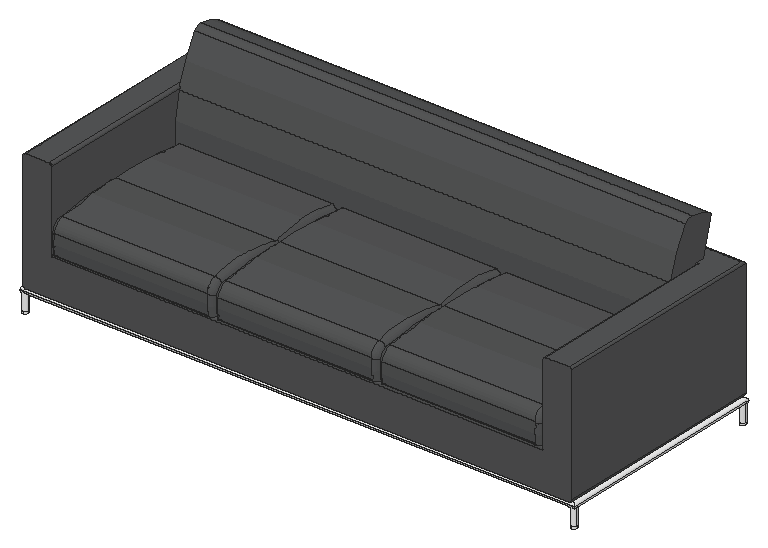
Revit family "Seating-Sofa-Teknion-BBGS_George-R2012", category Furniture, Revit 2013
Parameters (values of type "Three Seater")
  Width = 7' - 11 5/8"
  Warranty = "http://www.teknionstudio.com/pdfs/Teknion%20Studio%20Warranty.pdf"
  Unit Weight = 175.0 lbf
  URL = "http://www.teknion.com"
  Three Seats Visibility = yes
  Series = "B&B Italia"
  Seat Width = 2' - 4 1/4"
  Seat Upholstery Finish [instance] = Fabric - Teknion - E521 - Fundamentals
  Salvage or Reuse [instance] = yes
  Product Page URL = "http://www.teknionstudio.com/george/#.Ula96xAQP-o"
  Product Line = "George"
  Product Documentation Link = "http://www.teknion.com/pricing/studio/pdfs/BBGS_ppg.pdf"
  Percentage of Recycled Content [instance] = 0
  Part Number = "BBGS"
  Model = "BBGSB5"
  Manufacturer Phone = "919-464-2920"
  Manufacturer Fax = "919-464-2927"
  Manufacturer Email = "mailto:customersupport@teknionstudio.com"
  Manufacturer Address = "3940 US 70 Business HWY West, Clayton, NC 27520"
  Manufacturer = "Teknion Studio"  # constant formula
  Low Emitting Material [instance] = yes
  Low Emitting Finish [instance] = yes
  Keynote = "125000"
  Height = 2' - 8 15/32"  # constant formula
  Frame Finish [instance] = Metal - Teknion - C9 - Polished Aluminum
  Description = "George Lounge Sofa, Three Seater, 95 5/8\" (243cm)"
  Depth = 3' - 2.00586"
  Assembly Code = "E2020200"
  Array Quantity = 3
Types (3): name | Width | Unit Weight | Three Seats Visibility | Seat Width | Model | Description | Array Quantity
  (no name) | 7' - 11 5/8" | 175.0 lbf | yes | 2' - 4 1/4" | "BBGSB5" | "George Lounge Sofa, Three Seater, 95 5/8\" (243cm)" | 3
  Two Seater | 6' - 5 9/16" | 136.0 lbf | no | 2' - 9 11/32" | "BBGSB4" | "George Lounge Sofa, Two Seater, 77 1/2\" (197cm)" | 2
  Three Seater | 7' - 11 5/8" | 175.0 lbf | yes | 2' - 4 1/4" | "BBGSB5" | "George Lounge Sofa, Three Seater, 95 5/8\" (243cm)" | 3
Reference planes
  plane 1 "Center (Front/Back)": y = 0
  plane 2 "Bottom": z = 0
  plane 3 "Center (Left/Right)": x = 0
  plane 4 "Armrest R1": x = -1201.722
  plane 5 "Armrest Front": y = -475.01
  plane 6 "Armrest L2": x = 1201.722
  plane 7 "Back": y = 475.01
  plane 8 "Top": z = 824.706
  plane 9 "Armrest Top": z = 630
  plane 10 "Legs Structure Top": z = 100
  plane 11 "Armrest R2": x = -1076.438
  plane 12 "Armrest L1": x = 1076.438
  plane 13 "Seat Bottom": z = 278
  plane 14 "Seat Top": z = 444.5
  plane 15 "Front": y = -490.339
  plane 16 "Legs Top Reference": z = 75
  plane 17 "Right": x = 1214.438
  plane 18 "Left": x = -1214.437
  plane 19 "ML1": x = -358.888
  plane 20 "ML2": x = 358.662
Forms (mm)
  Sweep 1, solid, material "Fabric - Teknion - E521 - Fundamentals" <- "Seat Upholstery Finish"
    path origin (0, 0, 0) x (1, 0, 0) y (0, 1, 0)
      loop
        line (-1201.722, -475.01) -> (-1201.722, 475.01) -> (1201.722, 475.01) -> (1201.722, -475.01)
    profile origin (-1201.722, 0, 0) x (-1, 0, 0) y (0, 0, 1)
      loop
        arc (-11.358, 100) -> (-3.443, 103.226) -> (-0.037, 111.067) r 11.324
        arc (-0.037, 111.067) -> (2.851, 365.991) -> (-0.082, 620.915) r 11165.991
        arc (-0.082, 620.915) -> (-2.879, 627.351) -> (-9.378, 630) r 9.299
        line (-9.378, 630) -> (-113.127, 630)
        arc (-113.127, 630) -> (-121.724, 626.439) -> (-125.284, 617.843) r 12.157
        line (-125.284, 617.843) -> (-125.284, 100) -> (-11.358, 100)
  Sweep 2, solid, material "Fabric - Teknion - E521 - Fundamentals" <- "Seat Upholstery Finish"
    path origin (0, 0, 0) x (1, 0, 0) y (0, 1, 0)
      loop
        line (-1076.437, 0) -> (1076.437, 0)
    profile origin (0, 0, 0) x (0, 1, 0) y (0, 0, 1)
      loop
        line (-475.01, 100) -> (441.355, 100) -> (441.355, 630) -> (397.317, 630) -> (439.453, 787.254)
        arc (439.453, 787.254) -> (439.141, 791.433) -> (436.295, 794.507) r 6.35
        arc (436.295, 794.507) -> (391.241, 813.298) -> (343.5, 823.478) r 264.163
        arc (343.5, 823.478) -> (323.276, 820.331) -> (307.599, 807.173) r 38.1
        arc (307.599, 807.173) -> (256.177, 714.824) -> (222.627, 614.59) r 571.95
        arc (222.627, 614.59) -> (194.614, 446.906) -> (213.936, 278) r 610.385
        line (213.936, 278) -> (-462.31, 278)
        arc (-462.31, 278) -> (-471.29, 274.28) -> (-475.01, 265.3) r 12.7
        line (-475.01, 265.3) -> (-475.01, 100)
  Sweep 3, solid, material "Metal - Teknion - C9 - Polished Aluminum" <- "Frame Finish"
    path origin (0, 0, 0) x (1, 0, 0) y (0, 1, 0)
      loop
        line (-1214.422, 475.01) -> (-1214.422, -475.01) -> (1214.422, -475.01) -> (1214.422, 475.01) -> (-1214.422, 475.01)
    profile origin (0, 475.01, 0) x (0, 1, 0) y (0, 0, 1)
      loop
        circle (-12.5, 87.5) r 12.5
  Sweep 4, solid, material "Metal - Teknion - C9 - Polished Aluminum" <- "Frame Finish"
    path origin (0, 0, 0) x (1, 0, 0) y (0, 0, 1)
      loop
        line (0, 0) -> (0, 87.5)
    profile origin (0, 0, 43.75) x (-1, 0, 0) y (0, -1, 0)
      loop
        circle (1201.722, -462.31) r 12.7
      loop
        circle (-1201.722, -462.31) r 12.7
      loop
        circle (-1201.722, 462.31) r 12.7
      loop
        circle (1201.722, 462.31) r 12.7
  Sweep 5, void
    path origin (0, 0, 0) x (1, 0, 0) y (0, 0, 1)
      loop
        line (0, 10) -> (0, 8)
    profile origin (0, 0, 9) x (0, -1, 0) y (1, 0, 0)
      loop
        circle (-462.31, -1201.722) r 10.16
      loop
        circle (-462.31, 1201.722) r 10.16
      loop
        circle (462.459, -1201.722) r 10.16
      loop
        circle (462.558, 1201.722) r 10.16
      loop
        line (-477.55, -1216.978) -> (490.339, -1216.978) -> (490.339, 1216.978) -> (-477.55, 1216.978) -> (-477.55, -1216.978)
Cuts and joins
  joined: Sweep 1, Sweep 2
  Sweep 5 cuts Sweep 4
  joined: Sweep 3, Sweep 4
Lines and regions (mm)
  Masking region 1
    outline origin (0, 0, 444.5) x (0, 1, 0) y (-1, 0, 0)
      loop
        line (475.01, 1214.437) -> (-475.01, 1214.437) -> (-475.01, 1076.438) -> (398.945, 1076.438) -> (398.945, -1076.438) -> (-475.01, -1076.438) -> (-475.01, -1214.438) -> (475.01, -1214.438) -> (475.01, 1214.437)
  symbolic lines, detail levels medium+fine
    curve 1: line (-1076.437, -475.01, 444.5) -> (-1076.437, 398.945, 444.5)
    curve 2: line (-1076.437, 398.945, 0) -> (1076.438, 398.945, 0)
    curve 3: line (1076.438, 398.945, 444.5) -> (1076.438, -475.01, 444.5)
  symbolic lines, detail levels fine
    curve 4: line (-358.887, -490.339, 444.5) -> (-358.887, 148.331, 444.5)
    curve 5: line (-1076.437, 148.331, 444.5) -> (1076.438, 148.331, 444.5)
    curve 6: line (-358.887, 148.331, 444.5) -> (-358.887, 398.945, 444.5)
  symbolic lines, style "GenericModel", detail levels fine
    curve 7: line (-1076.437, -99.338, 444.5) -> (1076.438, -99.338, 444.5)
  model lines, detail levels medium+fine
    curve 8: arc (-358.888, 350.643, 824.096) -> (-358.888, 394.685, 813.758) -> (-358.888, 436.317, 796.055) r 264.135
    curve 9: arc (-358.888, 303.949, 803.334) -> (-358.888, 324.293, 820.469) -> (-358.888, 350.643, 824.096) r 47.856
    curve 10: arc (-358.888, 221.389, 610.724) -> (-358.888, 253.772, 710.843) -> (-358.888, 303.949, 803.334) r 571.9
    curve 11: arc (-358.888, 194.973, 421.686) -> (-358.888, 200.098, 517.334) -> (-358.888, 221.389, 610.724) r 562.036
  model lines, visible <- "Three Seats Visibility", detail levels medium+fine
    curve 12: arc (358.662, 350.643, 824.096) -> (358.662, 394.685, 813.758) -> (358.662, 436.317, 796.055) r 264.135
    curve 13: arc (358.662, 303.949, 803.334) -> (358.662, 324.293, 820.469) -> (358.662, 350.643, 824.096) r 47.856
    curve 14: arc (358.662, 221.389, 610.724) -> (358.662, 253.772, 710.843) -> (358.662, 303.949, 803.334) r 571.9
    curve 15: arc (358.662, 194.973, 421.686) -> (358.662, 200.098, 517.334) -> (358.662, 221.389, 610.724) r 562.036
  symbolic lines, visible <- "Three Seats Visibility", detail levels fine
    curve 16: line (358.663, -490.339, 444.5) -> (358.663, 148.331, 444.5)
    curve 17: line (358.663, 148.331, 444.5) -> (358.663, 398.945, 444.5)
Dimensions and locks
  equal spacing: plane 4 "Armrest R1", plane 3 "Center (Left/Right)", plane 6 "Armrest L2"
  equal spacing: plane 5 "Armrest Front", plane 1 "Center (Front/Back)", plane 7 "Back"
  equal spacing: plane 11 "Armrest R2", plane 3 "Center (Left/Right)", plane 12 "Armrest L1"
  locked: plane 6 "Armrest L2" to Sweep 3 sketch curve at 12.7
  locked: Sweep 3 sketch curve to plane 4 "Armrest R1" at 12.7
  equal spacing: plane 18 "Left", plane 3 "Center (Left/Right)", plane 17 "Right"
  "Width": plane 18 "Left" to plane 17 "Right"
  "Depth": plane 15 "Front" to plane 7 "Back"
  equal spacing: plane 10 "Legs Structure Top", Sweep 4 sketch curve, plane 16 "Legs Top Reference"
  equal spacing: plane 10 "Legs Structure Top", Sweep 3 sketch curve, plane 16 "Legs Top Reference"
  Sweep 5 sketch curve to Sweep 5 sketch curve to plane 2 "Bottom" = 0' - 0.07874" locked, 0' - 0.31496" locked
  locked: plane 7 "Back" to Sweep 5 sketch curve at 2.54
  locked: plane 17 "Right" to Sweep 5 sketch curve at 2.54
  locked: Sweep 5 sketch curve to plane 18 "Left" at 2.54
  locked: plane 18 "Left" to plane 4 "Armrest R1" at 12.716
  locked: plane 18 "Left" to plane 11 "Armrest R2" at 138
  locked: plane 7 "Back" to Sweep 2 sketch curve at 33.655
  equal spacing: plane 4 "Armrest R1", Sweep 2 sketch curve, plane 11 "Armrest R2"
  equal spacing: plane 12 "Armrest L1", Sweep 2 sketch curve, plane 6 "Armrest L2"
  locked: Sweep 4 sketch curve to plane 7 "Back" at 12.7  (x2)
  locked: Sweep 4 sketch curve to plane 5 "Armrest Front" at 12.7  (x2)
  plane 15 "Front" to plane 5 "Armrest Front" = 0' - 0.60352"
  equal spacing: group 1, group 2, group 3  (x3)
  plane 7 "Back" to Sweep 2 sketch curve to Sweep 2 sketch curve to Sweep 2 sketch curve = 0' - 1.52421" locked, 0' - 3.65334" locked, 0' - 1.41343" locked
  "Seat Width": plane 11 "Armrest R2" to plane 19 "ML1"
  "Seat Width": plane 19 "ML1" to plane 20 "ML2"
  "Height": plane 8 "Top" to plane 2 "Bottom"
  plane 9 "Armrest Top" to plane 14 "Seat Top" to plane 13 "Seat Bottom" to plane 10 "Legs Structure Top" to plane 16 "Legs Top Reference" to plane 2 "Bottom" = 0' - 7.30315" locked, 0' - 6.55512" locked, 0' - 7.00787" locked, 0' - 0.98425" locked, 0' - 2.95276" locked
  radius of Sweep 2 sketch curve = 0' - 0 1/2"
  aligned and locked: plane 4 "Armrest R1" to Sweep 1 sketch curve
  aligned and locked: plane 7 "Back" to Sweep 1 sketch curve
  aligned and locked: plane 6 "Armrest L2" to Sweep 1 sketch curve
  aligned and locked: plane 5 "Armrest Front" to Sweep 1 sketch curve  (x2)
  aligned and locked: plane 9 "Armrest Top" to Sweep 1 sketch curve
  aligned and locked: plane 11 "Armrest R2" to Sweep 1 sketch curve
  aligned and locked: Sweep 1 sketch curve to plane 10 "Legs Structure Top"
  aligned and locked: plane 1 "Center (Front/Back)" to Sweep 2 sketch curve
  aligned and locked: plane 10 "Legs Structure Top" to Sweep 2 sketch curve
  aligned and locked: plane 7 "Back" to Sweep 3 sketch curve
  aligned and locked: plane 5 "Armrest Front" to Sweep 3 sketch curve
  aligned and locked: plane 11 "Armrest R2" to Masking region 1 sketch curve
  aligned and locked: Masking region 1 sketch curve to plane 5 "Armrest Front"
  aligned and locked: plane 18 "Left" to Masking region 1 sketch curve
  aligned and locked: plane 7 "Back" to Masking region 1 sketch curve
  aligned and locked: plane 17 "Right" to Masking region 1 sketch curve
  aligned and locked: plane 5 "Armrest Front" to Masking region 1 sketch curve
  aligned and locked: plane 12 "Armrest L1" to Masking region 1 sketch curve
  aligned and locked: plane 5 "Armrest Front" to curve 1
  aligned and locked: plane 5 "Armrest Front" to curve 3
  aligned and locked: curve 2 to curve 3
  aligned and locked: plane 5 "Armrest Front" to Sweep 2 sketch curve
  aligned and locked: plane 12 "Armrest L1" to curve 3
  aligned and locked: plane 11 "Armrest R2" to curve 1
  aligned and locked: plane 15 "Front" to curve 4
  aligned and locked: plane 3 "Center (Left/Right)" to Sweep 4 sketch curve
  aligned and locked: plane 2 "Bottom" to Sweep 4 sketch curve
  aligned and locked: plane 4 "Armrest R1" to Sweep 4 sketch curve  (x2)
  aligned and locked: plane 6 "Armrest L2" to Sweep 4 sketch curve  (x2)
  aligned and locked: Sweep 5 sketch curve to plane 3 "Center (Left/Right)"
  aligned and locked: plane 4 "Armrest R1" to Sweep 5 sketch curve  (x2)
  aligned and locked: plane 6 "Armrest L2" to Sweep 5 sketch curve  (x2)
  aligned and locked: Sweep 5 sketch curve to plane 15 "Front"
  aligned and locked: Sweep 2 sketch curve to plane 13 "Seat Bottom"
  aligned and locked: Sweep 2 sketch curve to plane 9 "Armrest Top"
  aligned and locked: plane 11 "Armrest R2" to nested 1
  aligned and locked: plane 7 "Back" to nested 1
  aligned and locked: plane 11 "Armrest R2" to Sweep 2 sketch curve
  aligned and locked: plane 12 "Armrest L1" to Sweep 2 sketch curve
  aligned and locked: plane 19 "ML1" to nested 2
  aligned and locked: plane 19 "ML1" to curve 4
  aligned and locked: plane 19 "ML1" to curve 6
  aligned and locked: plane 20 "ML2" to curve 17
  aligned and locked: plane 20 "ML2" to curve 16
  aligned and locked: plane 2 "Bottom" to level
  aligned and locked: nested 1 to plane 13 "Seat Bottom"
  aligned and locked: Masking region 1 sketch curve to curve 2
Automatic sketch dimensions
  profile plane to Sweep 3 sketch curve = 0' - 0.49213"
  Sweep 5 sketch curve to Sweep 5 sketch curve = 0' - 0.6"  (x2)
  plane 1 "Center (Front/Back)" to Sweep 5 sketch curve = 1' - 6 27/128"
  Sweep 5 sketch curve to Sweep 5 sketch curve = 0' - 1 25/256"
  level to Sweep 1 sketch curve = 1' - 2.37008"
  Sweep 1 sketch curve to Sweep 1 sketch curve = 36' - 2.56124"
  Sweep 1 sketch curve to Sweep 1 sketch curve = 0' - 0.47864"
  profile plane to Sweep 1 sketch curve = 0' - 0.44718"
  profile plane to Sweep 1 sketch curve = 0' - 0.36923"
  profile plane to Sweep 1 sketch curve = 0' - 0.00324"
  Sweep 1 sketch curve to Sweep 1 sketch curve = 0' - 0"
  profile plane to Sweep 1 sketch curve = 0' - 0.00146"
  Sweep 2 sketch curve to profile plane = 0' - 8.42266"
  Sweep 2 sketch curve to Sweep 2 sketch curve = 0' - 3.34533"
  Sweep 2 sketch curve to Sweep 2 sketch curve = 0' - 0"  (x3)
  Sweep 2 sketch curve to Sweep 2 sketch curve = 0' - 3.53893"
  Sweep 2 sketch curve to Sweep 2 sketch curve = 0' - 0.17593"
  Sweep 2 sketch curve to Sweep 2 sketch curve = 0' - 1.73378"
  Sweep 2 sketch curve to Sweep 2 sketch curve = 0' - 0.11714"
  Sweep 2 sketch curve to Sweep 2 sketch curve = 0' - 0.24148"
  Sweep 2 sketch curve to Sweep 2 sketch curve = 1' - 1.31108"
  Sweep 2 sketch curve to Sweep 2 sketch curve = 0' - 0.99759"
  Sweep 2 sketch curve to Sweep 2 sketch curve = 0' - 7.82878"
  Sweep 2 sketch curve to Sweep 2 sketch curve = 0' - 2.07852"
  curve 11 to plane 14 "Seat Top" = 0' - 0.8982"
  curve 11 to plane 14 "Seat Top" = 0' - 0.19481"
  plane 14 "Seat Top" to curve 10 = 0' - 1.61539"
  curve 8 to plane 9 "Armrest Top" = 0' - 2.6486"
  curve 11 to plane 9 "Armrest Top" = 0' - 0.7589"
  curve 9 to plane 8 "Top" = 0' - 1.88841"
  curve 8 to plane 8 "Top" = 0' - 1.12799"
  curve 10 to plane 8 "Top" = 0' - 0.84142"
  curve 9 to curve 10 = 0' - 0"
  curve 8 to plane 8 "Top" = 0' - 0.02403"
  curve 9 to curve 8 = 0' - 0"
  curve 10 to curve 11 = 0' - 0.8934"
  plane 7 "Back" to curve 8 = 0' - 1.52334"
  curve 9 to curve 9 = 0' - 0.2719"
  curve 15 to plane 14 "Seat Top" = 0' - 0.8982"
  curve 15 to plane 14 "Seat Top" = 0' - 0.19481"
  plane 14 "Seat Top" to curve 14 = 0' - 1.61539"
  curve 12 to plane 9 "Armrest Top" = 0' - 2.6486"
  curve 15 to plane 9 "Armrest Top" = 0' - 0.7589"
  curve 13 to plane 8 "Top" = 0' - 1.88841"
  curve 12 to plane 8 "Top" = 0' - 1.12799"
  curve 14 to plane 8 "Top" = 0' - 0.84142"
  curve 12 to plane 8 "Top" = 0' - 0.02403"
  curve 13 to curve 12 = 0' - 0"
  curve 14 to curve 15 = 0' - 0.8934"
  plane 7 "Back" to curve 12 = 0' - 1.52334"
  curve 12 to curve 13 = 0' - 0.2719"
  curve 14 to curve 13 = 0' - 0"
  plane 15 "Front" to curve 16 = 0' - 0"
  plane 1 "Center (Front/Back)" to curve 7 = 0' - 3.91096"
  curve 5 to plane 1 "Center (Front/Back)" = 0' - 5.83981"
  plane 7 "Back" to curve 17 = 0' - 2.99467"
  plane 7 "Back" to curve 6 = 0' - 2.99467"
  curve 2 to plane 11 "Armrest R2" = 0' - 0"
  curve 2 to plane 12 "Armrest L1" = 0' - 0"
  plane 7 "Back" to curve 3 = 0' - 2.99467"
  plane 7 "Back" to curve 1 = 0' - 2.99467"
  radius of Sweep 4 sketch curve = 0' - 0 1/2"  (x4)
  radius of Sweep 3 sketch curve = 0' - 0.49213"
  radius of Sweep 5 sketch curve = 0' - 0.4"  (x4)
Nested families
  nested 1: "Seating-Sofa-Teknion-BBGC_George-Seat" at (-717.663, 0.012, 0), type ""Standard""
  nested 2: "Seating-Sofa-Teknion-BBGC_George-Seat" at (-0.113, 0.012, 0), type ""Standard""
  nested 3: "Seating-Sofa-Teknion-BBGC_George-Seat" at (717.437, 0.012, 0), type ""Standard""
Definition of nested family "Seating-Sofa-Teknion-BBGC_George-Seat"
  Parameters (values of type ""Standard"")
    URL = "http://www.teknion.com"
    Seat Upholstery Finish = Fabric - Teknion - E521 - Fundamentals
    Overall Width = 2' - 4 1/4"
    Overall Height = 2' - 6 5/8"
    Overall Depth = 2' - 11"
    Model = ""
    Manufacturer Phone = "919-464-2920"
    Manufacturer Fax = "919-464-2927"
    Manufacturer Email = "customersupport@teknionstudio.com"
    Manufacturer Address = "3940 US 70 Business HWY West, Clayton, NC 27520"
    Manufacturer = "Teknion Studio"  # constant formula
    Keynote = "125000"
    Description = ""
    Assembly Code = "E2020200"
    ADA Compliant = no
  Reference planes
    plane 1 "Center (Front/Back)": y = 0
    plane 2 "Bottom": z = 0
    plane 3 "Center (Left/Right)": x = 0
    plane 4 "Armrest Front": y = -474.997
    plane 5 "Back": y = 474.997
    plane 6 "Top": z = 824.734
    plane 7 "Armrest Top": z = 630
    plane 8 "Legs Structure Top": z = 100
    plane 9 "Armrest R2": x = -358.775
    plane 10 "Armrest L1": x = 358.775
    plane 11 "Seat Bottom": z = 278
    plane 12 "Seat Top": z = 444.5
    plane 13 "Front": y = -490.475
    plane 14 "Legs Top Reference": z = 75
  Forms (mm)
    Sweep 1, solid, material "Fabric - Teknion - E521 - Fundamentals" <- "Seat Upholstery Finish"
      path origin (0, 0, 0) x (1, 0, 0) y (0, 0, 1)
        loop
          line (-358.775, 630) -> (358.775, 630)
      profile origin (0, 0, 630) x (0, 0, 1) y (0, -1, 0)
        loop
          line (-352, -303.011) -> (-234.79, -334.417)
          arc (-234.79, -334.417) -> (-220.117, -264.956) -> (-208.314, -194.95) r 1725.282
          arc (-208.314, -194.95) -> (-192.207, -33.283) -> (-203.078, 128.82) r 978.241
          arc (-203.078, 128.82) -> (-192.081, 287.635) -> (-211.916, 445.589) r 821.647
          arc (-211.916, 445.589) -> (-228.463, 475.686) -> (-259.912, 489.493) r 53.431
          arc (-259.912, 489.493) -> (-303.564, 490.192) -> (-346.882, 484.755) r 310.132
          arc (-346.882, 484.755) -> (-350.557, 482.557) -> (-352, 478.526) r 6.35
          line (-352, 478.526) -> (-352, -303.011)
    Sweep 2, void
      path origin (0, 0, 0) x (0, 1, 0) y (0, 0, 1)
        loop
          arc (-463.202, 215.743) -> (-486.001, 289.799) -> (-489.73, 367.195) r 310.132
          arc (-489.73, 367.195) -> (-475.226, 400.833) -> (-443.144, 418.516) r 56.526
          arc (-443.144, 418.516) -> (-286.523, 437.22) -> (-128.796, 438.652) r 1437.589
          arc (-128.796, 438.652) -> (109.96, 432.075) -> (345.52, 392.586) r 1725.282
      profile origin (0, -489.73, 367.195) x (0, -0.997029, 0.077031) y (1, 0, 0)
        loop
          arc (-47.625, -358.775) -> (39.096, -394.696) -> (3.175, -307.975) r 50.8
          line (3.175, -307.975) -> (3.175, -320.675)
          arc (3.175, -320.675) -> (-7.984, -347.616) -> (-34.925, -358.775) r 38.1
          line (-34.925, -358.775) -> (-47.625, -358.775)
        loop
          line (-47.625, 358.775) -> (-34.925, 358.775)
          arc (-34.925, 358.775) -> (-7.984, 347.616) -> (3.175, 320.675) r 38.1
          line (3.175, 320.675) -> (3.175, 307.975)
          arc (3.175, 307.975) -> (39.096, 394.696) -> (-47.625, 358.775) r 50.8
  Cuts and joins
    Sweep 2 cuts Sweep 1
  Lines and regions (mm)
    Masking region 1
      outline origin (0, 0, 444.5) x (0, 1, 0) y (-1, 0, 0)
        loop
          line (398.933, 358.775) -> (-439.341, 358.775) -> (-490.475, 358.775) -> (-490.475, -358.775) -> (-439.341, -358.775) -> (398.933, -358.775) -> (398.933, 358.775)
    symbolic lines, detail levels medium+fine
      curve 1: line (-358.775, -474.997, 444.5) -> (-358.775, 398.933, 444.5)
      curve 2: line (-358.775, 398.933, 0) -> (358.775, 398.933, 0)
      curve 3: line (358.775, 398.933, 444.5) -> (358.775, -474.997, 444.5)
    symbolic lines, detail levels fine
      curve 4: line (0, -490.475, 444.5) -> (0, 148.331, 444.5)
      curve 5: line (-358.775, 148.331, 444.5) -> (358.775, 148.331, 444.5)
      curve 6: line (0, 148.331, 444.5) -> (0, 398.933, 444.5)
    symbolic lines, style "GenericModel", detail levels fine
      curve 7: line (-358.775, -99.338, 444.5) -> (358.775, -99.338, 444.5)
    model lines, detail levels medium+fine
      curve 8: arc (0, 350.627, 824.124) -> (0, 394.671, 813.785) -> (0, 436.305, 796.083) r 264.163
      curve 9: arc (0, 303.933, 803.362) -> (0, 324.277, 820.497) -> (0, 350.627, 824.124) r 47.856
      curve 10: arc (0, 221.364, 610.724) -> (0, 253.749, 710.858) -> (0, 303.933, 803.362) r 571.95
      curve 11: arc (0, 194.95, 421.686) -> (0, 200.074, 517.334) -> (0, 221.364, 610.724) r 562.085
      curve 12: arc (0, -489.493, 370.088) -> (0, -475.686, 401.537) -> (0, -445.589, 418.084) r 53.431
      curve 13: arc (0, -484.755, 283.118) -> (0, -490.192, 326.436) -> (0, -489.493, 370.088) r 310.132
      curve 14: arc (0, 194.95, 421.686) -> (0, 33.283, 437.793) -> (0, -128.82, 426.922) r 978.241
      curve 15: arc (0, -128.82, 426.922) -> (0, -287.635, 437.919) -> (0, -445.589, 418.084) r 821.647
  Dimensions and locks
    equal spacing: plane 4 "Armrest Front", plane 1 "Center (Front/Back)", plane 5 "Back"
    equal spacing: plane 9 "Armrest R2", plane 3 "Center (Left/Right)", plane 10 "Armrest L1"
    locked: curve 2 to plane 5 "Back" at 76.065
    plane 13 "Front" to plane 5 "Back" = 3' - 2.01074"
    plane 13 "Front" to plane 4 "Armrest Front" = 0' - 0 39/64"
    "Overall Width": plane 9 "Armrest R2" to plane 10 "Armrest L1"
    aligned: plane 2 "Bottom" to level
    aligned: Masking region 1 sketch curve to plane 13 "Front"
    aligned and locked: plane 9 "Armrest R2" to Masking region 1 sketch curve
    aligned and locked: plane 10 "Armrest L1" to Masking region 1 sketch curve
    aligned and locked: plane 4 "Armrest Front" to curve 1
    aligned and locked: plane 4 "Armrest Front" to curve 3
    aligned and locked: plane 3 "Center (Left/Right)" to curve 4
    aligned and locked: plane 10 "Armrest L1" to Sweep 1 sketch curve
    aligned and locked: Sweep 1 sketch curve to plane 7 "Armrest Top"
    aligned and locked: plane 9 "Armrest R2" to Sweep 1 sketch curve
    aligned and locked: plane 10 "Armrest L1" to curve 3
    aligned and locked: plane 9 "Armrest R2" to curve 1
    aligned and locked: plane 13 "Front" to curve 4
    aligned and locked: Masking region 1 to plane 9 "Armrest R2"
    aligned and locked: Masking region 1 to plane 10 "Armrest L1"
    aligned and locked: Sweep 2 sketch curve to Sweep 1
    aligned and locked: plane 9 "Armrest R2" to Sweep 2 sketch curve
    aligned and locked: plane 10 "Armrest L1" to Sweep 2 sketch curve
    aligned and locked: Masking region 1 sketch curve to plane 13 "Front"
    aligned and locked: curve 12 to cut or joined group of Sweep 1, Sweep 2
    aligned and locked: curve 13 to cut or joined group of Sweep 1, Sweep 2
  Automatic sketch dimensions
    Sweep 2 sketch curve to profile plane = 0' - 0 1/8"  (x2)
    Sweep 2 sketch curve to Sweep 2 sketch curve = 0' - 1 1/2"  (x2)
    Sweep 2 sketch curve to Sweep 2 sketch curve = 0' - 0 1/2"  (x2)
    plane 1 "Center (Front/Back)" to Sweep 2 sketch curve = 0' - 7.66226"
    plane 4 "Armrest Front" to Sweep 2 sketch curve = 0' - 1.63881"
    Sweep 2 sketch curve to plane 12 "Seat Top" = 0' - 1.023"
    Sweep 2 sketch curve to Sweep 2 sketch curve = 0' - 0.38472"
    Sweep 2 sketch curve to Sweep 2 sketch curve = 0' - 0"
    plane 4 "Armrest Front" to Sweep 2 sketch curve = 0' - 0.46437"
    Sweep 2 sketch curve to plane 13 "Front" = 0' - 0.02935"
    Sweep 2 sketch curve to plane 12 "Seat Top" = 0' - 0.23022"
    plane 1 "Center (Front/Back)" to Sweep 2 sketch curve = 0' - 2.23692"
    Sweep 2 sketch curve to plane 12 "Seat Top" = 0' - 2.04386"
    Sweep 2 sketch curve to plane 1 "Center (Front/Back)" = 1' - 1.60315"
    plane 1 "Center (Front/Back)" to Sweep 1 sketch curve = 0' - 2.23692"
    profile plane to Sweep 1 sketch curve = 6' - 3.39872"
    Sweep 1 sketch curve to plane 1 "Center (Front/Back)" = 0' - 0.6876"
    Sweep 1 sketch curve to Sweep 1 sketch curve = 0' - 6.17761"
    profile plane to Sweep 1 sketch curve = 1' - 1.85827"
    Sweep 1 sketch curve to Sweep 1 sketch curve = 0' - 0.20148"
    Sweep 1 sketch curve to Sweep 1 sketch curve = 0' - 0"  (x2)
    Sweep 1 sketch curve to Sweep 1 sketch curve = 0' - 0 1/4"
    plane 1 "Center (Front/Back)" to Sweep 1 sketch curve = 0' - 7.10708"
    profile plane to Sweep 1 sketch curve = 0' - 11.2872"
    Sweep 1 sketch curve to Sweep 1 sketch curve = 0' - 3.19386"
    Sweep 1 sketch curve to Sweep 1 sketch curve = 0' - 0.18167"
    Sweep 1 sketch curve to Sweep 1 sketch curve = 0' - 4.61456"
    Sweep 1 sketch curve to Sweep 1 sketch curve = 0' - 1.04236"
    Sweep 1 sketch curve to Sweep 1 sketch curve = 0' - 3.29199"
    Sweep 1 sketch curve to plane 1 "Center (Front/Back)" = 0' - 7.6752"
    Sweep 1 sketch curve to Sweep 1 sketch curve = 0' - 1.23647"
    Sweep 1 sketch curve to Sweep 1 sketch curve = 2' - 5.32315"
    Sweep 1 sketch curve to Sweep 1 sketch curve = 0' - 2.07127"
    plane 11 "Seat Bottom" to curve 13 = 0' - 0.20148"
    curve 12 to plane 12 "Seat Top" = 0' - 1.03999"
    curve 15 to plane 12 "Seat Top" = 0' - 0.69206"
    curve 13 to curve 15 = 0' - 2.03541"
    curve 14 to plane 1 "Center (Front/Back)" = 0' - 0.6876"
    curve 14 to plane 12 "Seat Top" = 0' - 0.8982"
    curve 14 to plane 1 "Center (Front/Back)" = 0' - 7.6752"
    curve 10 to plane 7 "Armrest Top" = 0' - 0.7589"
    curve 11 to curve 10 = 0' - 1.03991"
    curve 9 to plane 6 "Top" = 0' - 0.84142"
    plane 5 "Back" to curve 9 = 0' - 6.7348"
    curve 10 to curve 9 = 0' - 0"
    curve 11 to curve 8 = 0' - 3.5882"
    curve 10 to curve 9 = 0' - 1 145/256"
    curve 9 to plane 6 "Top" = 0' - 0.02403"
    curve 9 to curve 9 = 0' - 0.2719"
    curve 8 to curve 9 = 0' - 0"
    curve 8 to plane 6 "Top" = 0' - 1.12799"
    curve 11 to plane 12 "Seat Top" = 0' - 0.19481"
    curve 14 to curve 15 = 0' - 6.17762"
    curve 6 to plane 3 "Center (Left/Right)" = 0' - 0"
    plane 1 "Center (Front/Back)" to curve 7 = 0' - 3.91096"
    curve 5 to plane 1 "Center (Front/Back)" = 0' - 5.83981"
    plane 5 "Back" to curve 6 = 0' - 2.99467"
    plane 4 "Armrest Front" to Masking region 1 sketch curve = 0' - 1.40381"  (x2)
    plane 5 "Back" to Masking region 1 sketch curve = 0' - 2.99467"
    curve 2 to plane 9 "Armrest R2" = 0' - 0"
    curve 2 to plane 10 "Armrest L1" = 0' - 0"
    plane 5 "Back" to curve 1 = 0' - 2.99467"
    plane 5 "Back" to curve 3 = 0' - 2.99467"
